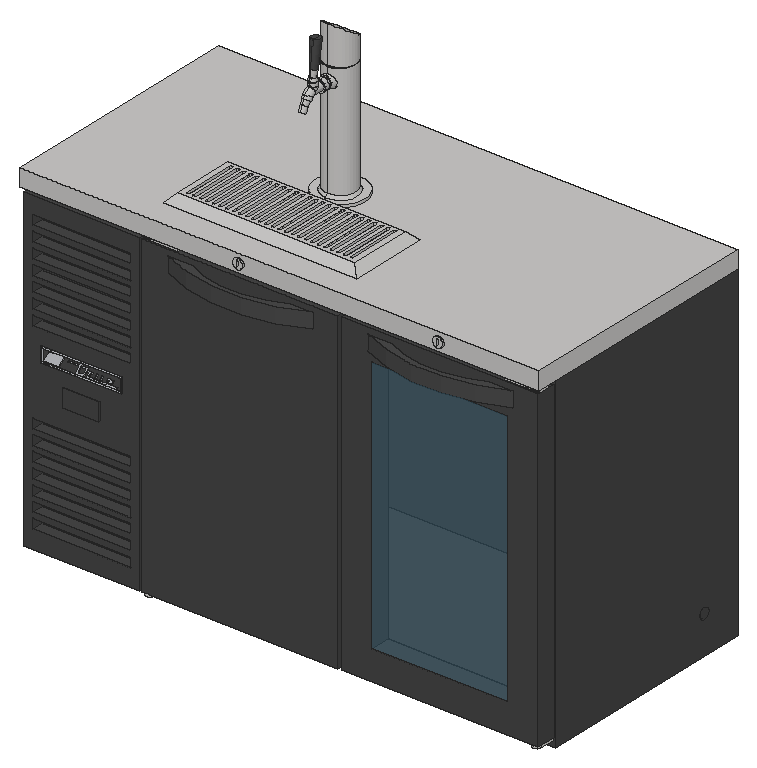
Revit family "QF_TRUE_TDR52-RISZ1-L-B-SG-1", category Specialty Equipment, Revit 2016 (continued)
Definition of nested family "TDR52-RISZ1-L-B-SG-1"
  Definition of nested family "QF_LOGO_TRUE"
    Forms (in)
      Extrusion 1, solid, visible <- "Show Logo"
        sketch origin (-78.34647, 34.76905, -30.51001) x (1, 0, 0) y (0, 0, 1)
          loop
            arc (85.61625, 31.28847) -> (85.61625, 31.37458) -> (85.54168, 31.41763) r 0.08611
            line (85.54168, 31.41763) -> (85.20227, 31.41763)
            arc (85.20227, 31.41763) -> (85.11574, 31.40294) -> (85.05538, 31.33923) r 0.13863
            line (85.05538, 31.33923) -> (84.89409, 30.99333)
            arc (84.89409, 30.99333) -> (84.84649, 30.9313) -> (84.77191, 30.90778) r 0.13002
            line (84.77191, 30.90778) -> (84.41984, 30.90778)
            arc (84.41984, 30.90778) -> (84.3777, 30.95378) -> (84.38042, 31.0161) r 0.08151
            line (84.38042, 31.0161) -> (84.56766, 31.41763) -> (84.44849, 31.41763) -> (84.25012, 30.99222)
            arc (84.25012, 30.99222) -> (84.21158, 30.94199) -> (84.15119, 30.92296) r 0.10527
            line (84.15119, 30.92296) -> (83.90842, 30.92296)
            arc (83.90842, 30.92296) -> (83.8674, 30.97642) -> (83.87619, 31.04323) r 0.08805
            line (83.87619, 31.04323) -> (84.05078, 31.41763) -> (83.92772, 31.41763) -> (83.72676, 30.98668)
            arc (83.72676, 30.98668) -> (83.68011, 30.94003) -> (83.61639, 30.92296) r 0.12745
            line (83.61639, 30.92296) -> (83.26484, 30.92296)
            arc (83.26484, 30.92296) -> (83.2017, 30.9524) -> (83.19563, 31.0218) r 0.06967
            line (83.19563, 31.0218) -> (83.31118, 31.26961) -> (83.47452, 31.26961)
            arc (83.47452, 31.26961) -> (83.50209, 31.35268) -> (83.56075, 31.41763) r 0.21289
            line (83.56075, 31.41763) -> (82.92244, 31.41763)
            arc (82.92244, 31.41763) -> (82.85151, 31.40191) -> (82.80242, 31.34834) r 0.12081
            line (82.80242, 31.34834) -> (82.6294, 30.9773)
            arc (82.6294, 30.9773) -> (82.58962, 30.93752) -> (82.53528, 30.92296) r 0.10869
            line (82.53528, 30.92296) -> (82.1542, 30.92296)
            arc (82.1542, 30.92296) -> (82.12446, 30.96315) -> (82.13012, 31.01283) r 0.06822
            line (82.13012, 31.01283) -> (82.38156, 31.48573) -> (83.01596, 31.48573) -> (83.09469, 31.65456) -> (82.46029, 31.65456) -> (82.53902, 31.8234) -> (82.31334, 31.8234) -> (82.23461, 31.65456) -> (81.15226, 31.65456)
          loop
            arc (85.15937, 31.26434) -> (85.13191, 31.25698) -> (85.1118, 31.23688) r 0.05494
            line (85.1118, 31.23688) -> (85.09547, 31.18665)
            arc (85.09547, 31.18665) -> (85.10304, 31.16837) -> (85.12133, 31.16079) r 0.02586
            line (85.12133, 31.16079) -> (85.39889, 31.16079)
            arc (85.39889, 31.16079) -> (85.41888, 31.16523) -> (85.43513, 31.1777) r 0.04731
            line (85.43513, 31.1777) -> (85.44863, 31.2402)
            arc (85.44863, 31.2402) -> (85.44466, 31.25693) -> (85.42914, 31.26434) r 0.01994
            line (85.42914, 31.26434) -> (85.15937, 31.26434)
          loop
            line (78.62961, 30.74125) -> (80.12032, 30.74125) -> (80.73891, 31.81268) -> (79.2482, 31.81268) -> (78.62961, 30.74125)
        from 34.76797 to 34.83173
      Extrusion 2, solid, visible <- "Show Logo"
        sketch origin (-142.84857, 34.75108, -33.3546) x (1, 0, 0) y (0, 0, 1)
          loop
            line (150.81107, 34.71978) -> (142.98607, 34.71978) -> (142.98607, 33.4921) -> (150.81107, 33.4921) -> (150.81107, 34.71978)
        from 34.75108 to 34.78125
      Extrusion 3, solid, visible <- "Show Logo"
        sketch origin (-142.84857, 34.75108, -33.3546) x (1, 0, 0) y (0, 0, 1)
          loop
            line (150.94857, 34.85727) -> (142.84857, 34.85727) -> (142.84857, 33.3546) -> (150.94857, 33.3546) -> (150.94857, 34.85727)
          loop
            line (142.98607, 34.71978) -> (142.98607, 33.4921) -> (150.81107, 33.4921) -> (150.81107, 34.71978) -> (142.98607, 34.71978)
        from 34.75108 to 34.81376
      Extrusion 4, solid, not visible
        sketch origin (121.45701, -16.5, 4.98235) x (1, 0, 0) y (0, 0, 1)
          loop
            line (25.20115, 35.89949) -> (25.20115, 33.96647) -> (30.95381, 33.96647) -> (30.95381, 35.89949) -> (25.20115, 35.89949)
        from 31.5 to 31.54261
      Extrusion 5, solid, not visible
        sketch origin (121.45701, -16.5, 4.98235) x (1, 0, 0) y (0, 0, 1)
          loop
            line (26.7387, 34.95472) -> (26.61492, 34.49276) -> (27.038, 34.49276)
            arc (27.038, 34.49276) -> (27.13117, 34.52484) -> (27.18485, 34.60749) r 0.15134
            arc (27.18485, 34.60749) -> (27.20396, 34.68138) -> (27.22435, 34.75493) r 4.37326
            arc (27.22435, 34.75493) -> (27.23458, 34.81765) -> (27.22435, 34.88037) r 0.1974
            arc (27.22435, 34.88037) -> (27.18247, 34.93579) -> (27.11563, 34.95472) r 0.10914
            line (27.11563, 34.95472) -> (26.7387, 34.95472)
          loop
            line (26.90201, 34.80638) -> (26.84645, 34.59903) -> (26.92855, 34.59903)
            arc (26.92855, 34.59903) -> (26.98205, 34.6185) -> (27.01051, 34.6678) r 0.08322
            line (27.01051, 34.6678) -> (27.02399, 34.74424)
            arc (27.02399, 34.74424) -> (27.01491, 34.78454) -> (26.97985, 34.80638) r 0.05353
            line (26.97985, 34.80638) -> (26.90201, 34.80638)
          loop
            line (27.45336, 34.66131) -> (27.76233, 34.66131) -> (27.78859, 34.73909)
            arc (27.78859, 34.73909) -> (27.7878, 34.82039) -> (27.73107, 34.87864) r 0.10925
            arc (27.73107, 34.87864) -> (27.68233, 34.8944) -> (27.63139, 34.89974) r 0.24595
            line (27.63139, 34.89974) -> (27.46708, 34.89974)
            arc (27.46708, 34.89974) -> (27.4068, 34.88073) -> (27.3535, 34.84677) r 0.2421
            arc (27.3535, 34.84677) -> (27.2897, 34.76363) -> (27.26702, 34.66131) r 0.2421
            line (27.26702, 34.66131) -> (27.26702, 34.54477)
            arc (27.26702, 34.54477) -> (27.31618, 34.4956) -> (27.38334, 34.47761) r 0.13431
            line (27.38334, 34.47761) -> (27.59054, 34.47761)
            arc (27.59054, 34.47761) -> (27.63459, 34.48281) -> (27.67622, 34.49812) r 0.18924
            line (27.67622, 34.49812) -> (27.73102, 34.61563)
            arc (27.73102, 34.61563) -> (27.68453, 34.59565) -> (27.63566, 34.58252) r 0.35376
            arc (27.63566, 34.58252) -> (27.55885, 34.56956) -> (27.48204, 34.58252) r 0.23415
            arc (27.48204, 34.58252) -> (27.44492, 34.61362) -> (27.45336, 34.66131) r 0.04838
          loop
            line (27.4842, 34.73042) -> (27.62012, 34.73042) -> (27.62621, 34.76496)
            arc (27.62621, 34.76496) -> (27.58961, 34.80242) -> (27.53739, 34.80638) r 0.0742
            arc (27.53739, 34.80638) -> (27.49747, 34.77773) -> (27.4842, 34.73042) r 0.0742
          loop
            line (27.91616, 34.97572) -> (27.78675, 34.49276) -> (27.98645, 34.49276) -> (28.11586, 34.97572) -> (27.91616, 34.97572)
          loop
            line (28.13678, 34.66131) -> (28.08755, 34.47761) -> (28.27134, 34.47761) -> (28.32056, 34.66131) -> (28.43674, 34.66131) -> (28.47974, 34.78864) -> (28.36519, 34.78864)
            arc (28.36519, 34.78864) -> (28.35733, 34.81649) -> (28.36921, 34.84288) r 0.04231
            arc (28.36921, 34.84288) -> (28.431, 34.8652) -> (28.49617, 34.85686) r 0.13988
            line (28.49617, 34.85686) -> (28.53544, 34.97317)
            arc (28.53544, 34.97317) -> (28.39725, 34.99096) -> (28.25905, 34.97317) r 0.54546
            arc (28.25905, 34.97317) -> (28.20849, 34.91994) -> (28.18197, 34.85147) r 0.1894
            line (28.18197, 34.85147) -> (28.17089, 34.78864) -> (28.11397, 34.78864) -> (28.07985, 34.66131) -> (28.13678, 34.66131)
          loop
            arc (28.74846, 34.89756) -> (28.65884, 34.88533) -> (28.56922, 34.89756) r 0.33455
            line (28.56922, 34.89756) -> (28.45669, 34.47761) -> (28.63593, 34.47761) -> (28.74846, 34.89756)
          loop
            arc (28.60398, 35.01195) -> (28.57699, 34.97173) -> (28.60398, 34.9315) r 0.04347
            line (28.60398, 34.9315) -> (28.75755, 34.9315)
            arc (28.75755, 34.9315) -> (28.78645, 34.96687) -> (28.77911, 35.01195) r 0.0556
            line (28.77911, 35.01195) -> (28.60398, 35.01195)
          loop
            line (28.95336, 34.66131) -> (29.26233, 34.66131) -> (29.28859, 34.73909)
            arc (29.28859, 34.73909) -> (29.2878, 34.82039) -> (29.23107, 34.87864) r 0.10925
            arc (29.23107, 34.87864) -> (29.18233, 34.8944) -> (29.13139, 34.89974) r 0.24595
            line (29.13139, 34.89974) -> (28.96708, 34.89974)
            arc (28.96708, 34.89974) -> (28.9068, 34.88073) -> (28.8535, 34.84677) r 0.2421
            arc (28.8535, 34.84677) -> (28.7897, 34.76363) -> (28.76702, 34.66131) r 0.2421
            line (28.76702, 34.66131) -> (28.76702, 34.54477)
            arc (28.76702, 34.54477) -> (28.81618, 34.4956) -> (28.88334, 34.47761) r 0.13431
            line (28.88334, 34.47761) -> (29.09054, 34.47761)
            arc (29.09054, 34.47761) -> (29.13459, 34.48281) -> (29.17622, 34.49812) r 0.18924
            line (29.17622, 34.49812) -> (29.23102, 34.61563)
            arc (29.23102, 34.61563) -> (29.18453, 34.59565) -> (29.13566, 34.58252) r 0.35376
            arc (29.13566, 34.58252) -> (29.05885, 34.56956) -> (28.98204, 34.58252) r 0.23415
            arc (28.98204, 34.58252) -> (28.94492, 34.61362) -> (28.95336, 34.66131) r 0.04838
          loop
            line (28.9842, 34.73042) -> (29.12012, 34.73042) -> (29.12621, 34.76496)
            arc (29.12621, 34.76496) -> (29.08961, 34.80242) -> (29.03739, 34.80638) r 0.0742
            arc (29.03739, 34.80638) -> (28.99747, 34.77773) -> (28.9842, 34.73042) r 0.0742
          loop
            line (29.41616, 34.97572) -> (29.28675, 34.49276) -> (29.48645, 34.49276) -> (29.61586, 34.97572) -> (29.41616, 34.97572)
          loop
            line (29.99836, 34.97572) -> (29.95192, 34.80242)
            arc (29.95192, 34.80242) -> (29.94473, 34.85705) -> (29.90102, 34.89059) r 0.07199
            arc (29.90102, 34.89059) -> (29.80023, 34.89941) -> (29.70251, 34.87322) r 0.29131
            arc (29.70251, 34.87322) -> (29.61806, 34.7652) -> (29.5896, 34.63108) r 0.30433
            line (29.5896, 34.63108) -> (29.5896, 34.55572)
            arc (29.5896, 34.55572) -> (29.61075, 34.50463) -> (29.66184, 34.48348) r 0.07224
            line (29.66184, 34.48348) -> (29.78537, 34.48348)
            arc (29.78537, 34.48348) -> (29.83854, 34.51313) -> (29.88504, 34.55243) r 0.31609
            line (29.88504, 34.55243) -> (29.86905, 34.49276) -> (30.05973, 34.49276) -> (30.18914, 34.97572) -> (29.99836, 34.97572)
          loop
            arc (29.84537, 34.75931) -> (29.79424, 34.71128) -> (29.77745, 34.64317) r 0.12371
            arc (29.77745, 34.64317) -> (29.80071, 34.59901) -> (29.85056, 34.59647) r 0.05045
            arc (29.85056, 34.59647) -> (29.90141, 34.64047) -> (29.92536, 34.7033) r 0.13769
            arc (29.92536, 34.7033) -> (29.90211, 34.75521) -> (29.84537, 34.75931) r 0.05543
          loop
            line (26.45047, 35.26762) -> (26.58211, 35.26762)
            arc (26.58211, 35.26762) -> (26.60467, 35.30821) -> (26.62126, 35.35157) r 0.3277
            arc (26.62126, 35.35157) -> (26.62714, 35.39992) -> (26.60877, 35.44503) r 0.09693
            arc (26.60877, 35.44503) -> (26.56454, 35.48868) -> (26.50462, 35.50516) r 0.12312
            arc (26.50462, 35.50516) -> (26.44158, 35.50565) -> (26.37854, 35.50546) r 5.76967
            arc (26.37854, 35.50546) -> (26.07462, 35.42923) -> (25.81045, 35.26076) r 0.97743
            line (25.81045, 35.26076) -> (25.85921, 35.26076)
            arc (25.85921, 35.26076) -> (26.08494, 35.39361) -> (26.3396, 35.45485) r 0.88817
            arc (26.3396, 35.45485) -> (26.41429, 35.44188) -> (26.47267, 35.39352) r 0.14748
            arc (26.47267, 35.39352) -> (26.48041, 35.32725) -> (26.45047, 35.26762) r 0.11636
          loop
            arc (26.35412, 35.17841) -> (26.19578, 35.0555) -> (26.00982, 34.98069) r 0.72453
            arc (26.00982, 34.98069) -> (25.9036, 34.95581) -> (25.79459, 34.9604) r 0.40201
            arc (25.79459, 34.9604) -> (25.7275, 34.98819) -> (25.69972, 35.05528) r 0.09488
            arc (25.69972, 35.05528) -> (25.71867, 35.12629) -> (25.77049, 35.17841) r 0.1425
            line (25.77049, 35.17841) -> (25.73665, 35.18748)
            arc (25.73665, 35.18748) -> (25.67632, 35.09876) -> (25.66924, 34.99171) r 0.20432
            arc (25.66924, 34.99171) -> (25.71443, 34.9227) -> (25.79473, 34.90384) r 0.11116
            arc (25.79473, 34.90384) -> (25.91172, 34.89904) -> (26.02716, 34.91862) r 0.56145
            arc (26.02716, 34.91862) -> (26.27675, 35.021) -> (26.49584, 35.17841) r 1.15683
            line (26.49584, 35.17841) -> (26.35412, 35.17841)
        from 31.54261 to 31.56272
    Dimensions and locks (in)
      aligned and locked: level to plane 2
      aligned and locked: Extrusion 2 to Extrusion 3  (x2)
      aligned and locked: Extrusion 2 sketch curve to Extrusion 3
Definition of nested family "CASTORS & LEGS"
  Parameters (values of type "CASTORS & LEGS")
    Weight = ""
    URL Manufacturer = ""
    URL Cutsheet = ""
    URL = ""
    Type Mark [instance] = ""
    Status [instance] = ""
    Specification by User [instance] = ""
    Specification by Manufacturer = ""
    Show Legs with Flandge [instance] = yes
    Show Legs [instance] = yes
    Show Leg Levelers [instance] = yes
    Show 1 Inch Rollers [instance] = yes
    Show 5 Inches Castors [instance] = yes
    Show 4 Inches Castors [instance] = yes
    Show 3 Inches Castors [instance] = yes
    Show 2 Inches Castors [instance] = yes
    Serial Number = ""
    Seismic Rating = ""
    SMACNA No = ""
    Revision Code [instance] = ""
    Omniclass Number and Title = ""
    NAFEM Spec ID Number = ""
    Model = ""
    MasterSpec. = ""
    Manufacturer = ""
    Item Number [instance] = ""
    Installed By [instance] = ""
    Identify Quantity as Lot [instance] = yes
    Furnished By [instance] = ""
    Foodservice Equipment Identifier [instance] = yes
    Description = ""
    CSI MasterFormat = ""
    CSI Master Format = ""
    Assembly Code = ""
  Reference planes (in)
    plane 1: z = 0
    plane 2 "RIGHT": x = 0
    plane 3 "FRONT": y = 0
    plane 4 "TOP": z = 4
    plane 5: z = 5.75
    plane 6: z = 6
    plane 7: z = 0.875
  Forms (in)
    Revolve 1, solid, visible <- "Show Legs"
      sketch origin (11.12172, 0, 0) x (-1, 0, 0) y (0, 0, -1)
        loop
          line (11.12172, -6) -> (11.12172, 0) -> (10.62172, 0) -> (10.62172, -0.5) -> (10.37172, -0.5) -> (10.37172, -6) -> (11.12172, -6)
        axis (11.12172, 0) -> (11.12172, -6)
      angle from 0 to 360
    Revolve 2, solid, visible <- "Show Legs with Flandge"
      sketch origin (11.12172, 0, 0) x (-1, 0, 0) y (0, 0, -1)
        loop
          line (11.12172, -6) -> (11.12172, 0) -> (9.87172, 0) -> (9.87172, -0.25) -> (10.62172, -0.25) -> (10.62172, -0.5) -> (10.37172, -0.5) -> (10.37172, -6) -> (11.12172, -6)
        axis (11.12172, 0) -> (11.12172, -6)
      angle from 0 to 360
    Extrusion 3, solid, visible <- "Show Leg Levelers"
      sketch origin (0, 0, 0) x (1, 0, 0) y (0, 1, 0)
        loop
          circle (0, 0) r 0.75
      from 0 to 0.25
  Dimensions and locks (in)
    plane 4 "TOP" to level = 4"  (x2)
    locked: Revolve 1 sketch curve to Revolve 1 sketch curve at 0.5
    locked: Revolve 1 sketch curve to Revolve 1 sketch curve at 0.75
    locked: Revolve 2 sketch curve to Revolve 2 sketch curve at 0.75
    plane 5 to level = 5 3/4"
    plane 6 to plane 1 = 6"
    nested 1 to plane 1 = 3 1/8"
    nested 3 to level = 5"
    aligned and locked: level to plane 1
  Nested families (in)
    nested 1: "3 INCHES 01_CASTER" at (0, 0, 0), visible <- "Show 2 Inches Castors", type "3 INCHES 01_CASTER"
      with Type Mark "", Specification by User "", Revision Code "", Item Number "", Installed By "", Identify Quantity as Lot yes, Furnished By "", Foodservice Equipment Identifier yes, 3 Inches Caster yes
    nested 2: "HATCO_4 INCHES_CASTER" at (0, -0.75, 0), Show 4 Inches Caster <- "Show 3 Inches Castors", type "HATCO_4 INCHES_CASTER"
      with Type Mark "", Specification by User "", Show 4 Inches Caster yes, Revision Code "", Item Number "", Installed By "", Identify Quantity as Lot yes, Furnished By "", Foodservice Equipment Identifier yes
    nested 3: "5 INCHES 01_CASTER" at (0, 0, 0), visible <- "Show 4 Inches Castors", type "5 INCHES 01_CASTER"
      with Type Mark "", Specification by User "", Show 5" Casters yes, Revision Code "", Key Locks yes, Item Number "", Installed By "", Identify Quantity as Lot yes, Furnished By "", Foodservice Equipment Identifier yes
    nested 4: "7-8 INCHES_CASTER" at (0, 0, 0), visible <- "Show 1 Inch Rollers", type "7-8 INCHES_CASTER"
      with Type Mark "", Specification by User "", Revision Code "", Item Number "", Installed By "", Identify Quantity as Lot yes, Furnished By "", Foodservice Equipment Identifier yes, 2.5 Inches Caster yes
    nested 5: "6 INCHES 02_CASTER" at (0, 0, 0), visible <- "Show 5 Inches Castors", Show Casters <- "Show 5 Inches Castors", type "6 INCHES 02_CASTER"
      with Type Mark "", Specification by User "", Show Casters yes, Revision Code "", Item Number "", Installed By "", Identify Quantity as Lot yes, Furnished By "", Foodservice Equipment Identifier yes
  Definition of nested family "3 INCHES 01_CASTER"
    Parameters (values of type "3 INCHES 01_CASTER")
      Weight = ""
      URL Manufacturer = ""
      URL Cutsheet = ""
      URL = ""
      Type Mark [instance] = ""
      Specification by User [instance] = ""
      Specification by Manufacturer = ""
      Serial Number = ""
      Seismic Rating = ""
      SMACNA No = ""
      Revision Code [instance] = ""
      Omniclass Number and Title = ""
      NAFEM Spec ID Number = ""
      Model = ""
      MasterSpec. = ""
      Manufacturer = ""
      Item Number [instance] = ""
      Installed By [instance] = ""
      Identify Quantity as Lot [instance] = yes
      Furnished By [instance] = ""
      Foodservice Equipment Identifier [instance] = yes
      Description = ""
      CSI MasterFormat = ""
      CSI Master Format = ""
      Assembly Code = ""
      3 Inches Caster [instance] = yes
    Reference planes (in)
      plane 1: z = 0
      plane 2 "RIGHT": x = 0
      plane 3 "FRONT": y = 0
      plane 4 "TOP": z = 3.125
    Forms (in)
      Revolve 1, solid, visible <- "3 Inches Caster"
        sketch origin (-1.93794, 0.56004, -1.0041) x (1, 0, 0) y (0, 0, 1)
          loop
            line (0.74055, 2.11347) -> (0.74055, 2.03797) -> (0.79055, 1.98797) -> (0.85055, 1.98797) -> (0.85055, 1.8679) -> (1.235, 1.8679) -> (1.235, 1.7068) -> (1.36441, 1.63209) -> (1.4003, 1.41035) -> (1.34375, 1.41035) -> (1.34375, 1.28535) -> (1.375, 1.28535) -> (1.375, 1.0041) -> (2.48438, 1.0041) -> (2.48438, 1.28535) -> (2.51563, 1.28535) -> (2.51563, 1.41035) -> (2.45908, 1.41035) -> (2.49553, 1.6356) -> (2.62438, 1.70999) -> (2.62438, 1.8679) -> (3.04007, 1.8679) -> (3.04007, 1.98797) -> (3.10007, 1.98797) -> (3.15007, 2.03797) -> (3.15007, 2.11347) -> (0.74055, 2.11347)
          axis (0.74055, 2.11347) -> (3.15007, 2.11347)
        angle from 0 to 360
      Extrusion 2, solid, visible <- "3 Inches Caster"
        sketch origin (-1.93794, 1.35294, -3.2541) x (0, 1, 0) y (0, 0, 1)
          loop
            line (-0.41094, 5.86793) -> (-0.41094, 6.01276) -> (-2.29494, 6.01276) -> (-2.29494, 5.71244) -> (-1.82301, 5.71244)
            arc (-1.82301, 5.71244) -> (-1.00307, 5.59865) -> (-0.19592, 5.41488) r 9.6332
            arc (-0.19592, 5.41488) -> (0.12646, 5.29481) -> (0.42224, 5.11916) r 1.92059
            line (0.42224, 5.11916) -> (0.51314, 5.245)
            arc (0.51314, 5.245) -> (0.27353, 5.42569) -> (0.01201, 5.5729) r 2.25036
            line (0.01201, 5.5729) -> (0.09371, 5.71426)
            arc (0.09371, 5.71426) -> (-0.15272, 5.81043) -> (-0.41094, 5.86793) r 1.73151
        from 1.17357 to 2.70231
      Revolve 3, solid, visible <- "3 Inches Caster"
        sketch origin (0, 1.73858, -3.25) x (0, 1, 0) y (0, 0, 1)
          loop
            line (-1.73858, 6.375) -> (-1.73858, 6.00866) -> (-0.93293, 6.00866) -> (-0.93293, 6.375) -> (-1.73858, 6.375)
          axis (-1.73858, 6.00866) -> (-1.73858, 6.375)
        angle from 0 to 360
      Extrusion 4, solid, visible <- "3 Inches Caster"
        sketch origin (-1.98481, 1.35294, -1.7541) x (0, 1, 0) y (0, 0, 1)
          loop
            line (-2.29494, 4.51276) -> (-2.29494, 4.21244) -> (-2.2074, 4.21244)
            arc (-2.2074, 4.21244) -> (-1.58796, 3.87196) -> (-1.3103, 3.22193) r 1.0835
            arc (-1.3103, 3.22193) -> (-1.27304, 2.98711) -> (-1.19616, 2.76214) r 1.38462
            arc (-1.19616, 2.76214) -> (-0.77704, 2.49744) -> (-0.37393, 2.78593) r 0.44401
            arc (-0.37393, 2.78593) -> (-0.35491, 2.84407) -> (-0.34077, 2.90358) r 0.74034
            arc (-0.34077, 2.90358) -> (-0.07302, 3.38916) -> (0.4279, 3.62699) r 0.90376
            line (0.4279, 3.62699) -> (0.51314, 3.745)
            arc (0.51314, 3.745) -> (0.27353, 3.92569) -> (0.01201, 4.0729) r 2.25036
            line (0.01201, 4.0729) -> (0.09371, 4.21426)
            arc (0.09371, 4.21426) -> (-0.15272, 4.31043) -> (-0.41094, 4.36793) r 1.73151
            line (-0.41094, 4.36793) -> (-0.41094, 4.51276) -> (-2.29494, 4.51276)
        from 2.74918 to 2.90825
      Extrusion 5, solid, visible <- "3 Inches Caster"
        sketch origin (1.98481, 1.35294, -1.7541) x (0, 1, 0) y (0, 0, -1)
          loop
            line (-2.29494, -4.51276) -> (-0.41094, -4.51276) -> (-0.41094, -4.36793)
            arc (-0.41094, -4.36793) -> (-0.15272, -4.31043) -> (0.09371, -4.21426) r 1.73151
            line (0.09371, -4.21426) -> (0.01201, -4.0729)
            arc (0.01201, -4.0729) -> (0.27353, -3.92569) -> (0.51314, -3.745) r 2.25036
            line (0.51314, -3.745) -> (0.4279, -3.62699)
            arc (0.4279, -3.62699) -> (-0.07302, -3.38916) -> (-0.34077, -2.90358) r 0.90376
            arc (-0.34077, -2.90358) -> (-0.35491, -2.84407) -> (-0.37393, -2.78593) r 0.74034
            arc (-0.37393, -2.78593) -> (-0.77704, -2.49744) -> (-1.19616, -2.76214) r 0.44401
            arc (-1.19616, -2.76214) -> (-1.27304, -2.98711) -> (-1.3103, -3.22193) r 1.38462
            arc (-1.3103, -3.22193) -> (-1.58796, -3.87196) -> (-2.2074, -4.21244) r 1.0835
            line (-2.2074, -4.21244) -> (-2.29494, -4.21244) -> (-2.29494, -4.51276)
        from 2.74918 to 2.90825
    Cuts and joins
      joined: Extrusion 2, Extrusion 4, Extrusion 5
    Lines and regions (in)
      symbolic lines, visible <- "3 Inches Caster"
        curve 1: line (0.1877, 1.65194, 0) -> (0.89063, 1.2461, 0)
        curve 2: line (-1.00175, -0.40823, 0) -> (0.1877, 1.65194, 0)
        curve 3: line (-0.29881, -0.81407, 0) -> (-1.00175, -0.40823, 0)
        curve 4: line (0.89063, 1.2461, 0) -> (-0.29881, -0.81407, 0)
    Dimensions and locks (in)
      plane 4 "TOP" to level = 3 1/8"  (x2)
      aligned and locked: level to plane 1
  Definition of nested family "HATCO_4 INCHES_CASTER"
    Parameters (values of type "HATCO_4 INCHES_CASTER")
      URL Manufacturer = ""
      URL Cutsheet = ""
      URL = ""
      Type Mark [instance] = ""
      Specification by User [instance] = ""
      Specification by Manufacturer = ""
      Serial Number = ""
      Seismic Rating = ""
      SMACNA No = ""
      Revision Code [instance] = ""
      Omniclass Number and Title = ""
      NAFEM Spec ID Number = ""
      Model = ""
      Manufacturer = ""
      Item Number [instance] = ""
      Installed By [instance] = ""
      Identify Quantity as Lot [instance] = yes
      Furnished By [instance] = ""
      Foodservice Equipment Identifier [instance] = yes
      Description = ""
      CSI MasterFormat = ""
      CSI Master Format = ""
      Assembly Code = ""
      Show 4 Inches Caster [instance] = yes
    Reference planes (in)
      plane 1: z = 0
      plane 2 "RIGHT": x = 0
      plane 3 "FRONT": y = 0
      plane 4 "TOP": z = 4
    Forms (in)
      Revolve 1, solid, visible <- "Show 4 Inches Caster"
        sketch origin (-1.93794, 0.83816, -1.0041) x (1, 0, 0) y (0, 0, 1)
          loop
            line (0.74055, 2.5041) -> (3.15007, 2.5041) -> (3.15007, 2.5796) -> (3.10007, 2.6296) -> (3.04007, 2.6296) -> (3.04007, 2.74967) -> (2.62438, 2.74967) -> (2.62438, 2.93884) -> (2.48438, 3.01967) -> (2.45908, 3.17597) -> (2.51563, 3.17597) -> (2.51563, 3.41035) -> (2.48438, 3.41035) -> (2.48438, 4.0041) -> (1.375, 4.0041) -> (1.375, 3.41035) -> (1.34375, 3.41035) -> (1.34375, 3.17597) -> (1.4003, 3.17597) -> (1.37557, 3.02318) -> (1.235, 2.94202) -> (1.235, 2.74967) -> (0.85055, 2.74967) -> (0.85055, 2.6296) -> (0.79055, 2.6296) -> (0.74055, 2.5796) -> (0.74055, 2.5041)
          axis (0.74055, 2.5041) -> (3.15007, 2.5041)
        angle from 0 to 360
      Extrusion 2, solid, visible <- "Show 4 Inches Caster"
        sketch origin (-1.93794, 1.80294, -1.7541) x (0, 1, 0) y (0, 0, 1)
          loop
            line (-3.08794, 5.33423) -> (-3.08794, 5.00584) -> (-2.69466, 5.00584)
            arc (-2.69466, 5.00584) -> (-1.57175, 4.94895) -> (-0.46376, 4.75787) r 9.36411
            arc (-0.46376, 4.75787) -> (-0.05889, 4.58436) -> (0.28335, 4.30705) r 1.60049
            line (0.28335, 4.30705) -> (0.34449, 4.39437)
            arc (0.34449, 4.39437) -> (0.12713, 4.6163) -> (-0.1239, 4.79931) r 1.8753
            line (-0.1239, 4.79931) -> (-0.05749, 4.91421)
            arc (-0.05749, 4.91421) -> (-0.33807, 5.05694) -> (-0.64294, 5.13542) r 1.44292
            line (-0.64294, 5.13542) -> (-0.64294, 5.33423) -> (-3.08794, 5.33423)
        from 1.1267 to 2.74918
      Revolve 3, solid, visible <- "Show 4 Inches Caster"
        sketch origin (0, 2.15543, -2.25) x (0, 1, 0) y (0, 0, 1)
          loop
            line (-2.21793, 6.25) -> (-2.21793, 5.83014) -> (-1.05793, 5.83014) -> (-1.05793, 6.25) -> (-2.21793, 6.25)
          axis (-2.21793, 5.83014) -> (-2.21793, 6.25)
        angle from 0 to 360
      Extrusion 4, solid, visible <- "Show 4 Inches Caster"
        sketch origin (-1.93794, 1.80294, -1.7541) x (0, 1, 0) y (0, 0, 1)
          loop
            line (-3.08794, 5.33423) -> (-3.08794, 5.00584) -> (-2.8913, 5.00584)
            arc (-2.8913, 5.00584) -> (-2.09118, 4.14057) -> (-1.45681, 3.14736) r 6.63355
            arc (-1.45681, 3.14736) -> (-0.85703, 2.75969) -> (-0.4561, 3.35069) r 0.5107
            arc (-0.4561, 3.35069) -> (-0.27092, 3.92503) -> (0.24034, 4.24562) r 0.88136
            line (0.24034, 4.24562) -> (0.34449, 4.39437)
            arc (0.34449, 4.39437) -> (0.12713, 4.6163) -> (-0.1239, 4.79931) r 1.8753
            line (-0.1239, 4.79931) -> (-0.05749, 4.91421)
            arc (-0.05749, 4.91421) -> (-0.33807, 5.05694) -> (-0.64294, 5.13542) r 1.44292
            line (-0.64294, 5.13542) -> (-0.64294, 5.33423) -> (-3.08794, 5.33423)
        from 2.74918 to 2.90825
      Extrusion 5, solid, visible <- "Show 4 Inches Caster"
        sketch origin (1.93794, 1.80294, -1.7541) x (0, 1, 0) y (0, 0, -1)
          loop
            line (-3.08794, -5.33423) -> (-0.64294, -5.33423) -> (-0.64294, -5.13542)
            arc (-0.64294, -5.13542) -> (-0.33807, -5.05694) -> (-0.05749, -4.91421) r 1.44292
            line (-0.05749, -4.91421) -> (-0.1239, -4.79931)
            arc (-0.1239, -4.79931) -> (0.12713, -4.6163) -> (0.34449, -4.39437) r 1.8753
            line (0.34449, -4.39437) -> (0.24034, -4.24562)
            arc (0.24034, -4.24562) -> (-0.27092, -3.92503) -> (-0.4561, -3.35069) r 0.88136
            arc (-0.4561, -3.35069) -> (-0.85703, -2.75969) -> (-1.45681, -3.14736) r 0.5107
            arc (-1.45681, -3.14736) -> (-2.09118, -4.14057) -> (-2.8913, -5.00584) r 6.63355
            line (-2.8913, -5.00584) -> (-3.08794, -5.00584) -> (-3.08794, -5.33423)
        from 2.74918 to 2.90825
    Cuts and joins
      joined: Extrusion 2, Extrusion 4, Extrusion 5
    Lines and regions (in)
      symbolic lines, visible <- "Show 4 Inches Caster"
        curve 1: line (0.28481, 2.83041, 0) -> (1.24556, 2.27572, 0)
        curve 2: line (-1.26206, 0.15114, 0) -> (-0.69281, 1.13711, 0)
        curve 3: line (-0.30132, -0.40355, 0) -> (-1.26206, 0.15114, 0)
        curve 4: line (1.24556, 2.27572, 0) -> (0.69868, 1.3285, 0)
        curve 5: line (-0.2461, 1.91084, 0) -> (0.28481, 2.83041, 0)
        curve 6: line (0.19868, 0.46248, 0) -> (-0.30132, -0.40355, 0)
    Dimensions and locks (in)
      plane 4 "TOP" to level = 4"  (x2)
      aligned and locked: level to plane 1
  Definition of nested family "5 INCHES 01_CASTER"
    Parameters (values of type "5 INCHES 01_CASTER")
      Weight = ""
      URL Manufacturer = ""
      URL Cutsheet = ""
      URL = ""
      Type Mark [instance] = ""
      Specification by User [instance] = ""
      Specification by Manufacturer = ""
      Show 5" Casters [instance] = yes
      Serial Number = ""
      Seismic Rating = ""
      SMACNA No = ""
      Revision Code [instance] = ""
      Omniclass Number and Title = ""
      NAFEM Spec ID Number = ""
      Model = ""
      MasterSpec. = ""
      Manufacturer = ""
      Key Locks [instance] = yes
      Item Number [instance] = ""
      Installed By [instance] = ""
      Identify Quantity as Lot [instance] = yes
      Furnished By [instance] = ""
      Foodservice Equipment Identifier [instance] = yes
      Description = ""
      CSI MasterFormat = ""
      CSI Master Format = ""
      Assembly Code = ""
    Reference planes (in)
      plane 1: z = 0
      plane 2 "RIGHT": x = 0
      plane 3 "FRONT": y = 0
      plane 4 "TOP": z = 5
    Forms (in)
      Revolve 1, solid, visible <- "Show 5" Casters"
        sketch origin (-1.93794, 0.99859, -1.0041) x (1, 0, 0) y (0, 0, 1)
          loop
            line (0.74055, 3.0041) -> (0.74055, 2.9286) -> (0.79055, 2.8786) -> (0.85055, 2.8786) -> (0.85055, 2.75852) -> (1.235, 2.75852) -> (1.235, 2.56618) -> (1.37557, 2.48502) -> (1.49133, 1.76972) -> (1.34375, 1.76972) -> (1.34375, 1.53535) -> (1.375, 1.53535) -> (1.375, 1.0041) -> (2.48438, 1.0041) -> (2.48438, 1.53535) -> (2.51563, 1.53535) -> (2.51563, 1.76972) -> (2.36805, 1.76972) -> (2.48438, 2.48853) -> (2.62438, 2.56936) -> (2.62438, 2.75852) -> (3.04007, 2.75852) -> (3.04007, 2.8786) -> (3.10007, 2.8786) -> (3.15007, 2.9286) -> (3.15007, 3.0041) -> (0.74055, 3.0041)
          axis (0.74055, 3.0041) -> (3.15007, 3.0041)
        angle from 0 to 360
      Extrusion 2, solid, visible <- "Show 5" Casters"
        sketch origin (-1.93794, 1.96337, -0.7541) x (0, 1, 0) y (0, 0, 1)
          loop
            line (-3.37739, 5.33423) -> (-3.37739, 4.92712) -> (-2.49294, 4.92712)
            arc (-2.49294, 4.92712) -> (-1.47209, 4.91752) -> (-0.46376, 4.75787) r 6.92153
            arc (-0.46376, 4.75787) -> (0.14199, 4.53396) -> (0.67481, 4.16904) r 2.62713
            line (0.67481, 4.16904) -> (0.7876, 4.33012)
            arc (0.7876, 4.33012) -> (0.48098, 4.5674) -> (0.13288, 4.73811) r 1.91675
            line (0.13288, 4.73811) -> (0.21197, 4.87494)
            arc (0.21197, 4.87494) -> (-0.1576, 5.02102) -> (-0.54934, 5.08775) r 1.91675
            line (-0.54934, 5.08775) -> (-0.54934, 5.33423) -> (-3.37739, 5.33423)
        from 1.17357 to 2.70231
      Revolve 3, solid, visible <- "Show 5" Casters"
        sketch origin (0, 2.15543, -1.25) x (0, 1, 0) y (0, 0, 1)
          loop
            line (-2.21793, 6.25) -> (-2.21793, 5.83014) -> (-1.05793, 5.83014) -> (-1.05793, 6.25) -> (-2.21793, 6.25)
          axis (-2.21793, 5.83014) -> (-2.21793, 6.25)
        angle from 0 to 360
      Extrusion 4, solid, visible <- "Show 5" Casters"
        sketch origin (-1.98481, 1.96337, -0.7541) x (0, 1, 0) y (0, 0, 1)
          loop
            line (-3.37739, 5.33423) -> (-3.37739, 4.92712) -> (-3.13361, 4.92712)
            arc (-3.13361, 4.92712) -> (-2.12623, 3.92533) -> (-1.55834, 2.62307) r 3.79122
            arc (-1.55834, 2.62307) -> (-0.81477, 2.14247) -> (-0.31772, 2.87515) r 0.63314
            arc (-0.31772, 2.87515) -> (-0.02244, 3.67728) -> (0.68637, 4.15498) r 1.39003
            line (0.68637, 4.15498) -> (0.7876, 4.33012)
            arc (0.7876, 4.33012) -> (0.48098, 4.5674) -> (0.13288, 4.73811) r 1.91675
            line (0.13288, 4.73811) -> (0.21197, 4.87494)
            arc (0.21197, 4.87494) -> (-0.1576, 5.02102) -> (-0.54934, 5.08775) r 1.91675
            line (-0.54934, 5.08775) -> (-0.54934, 5.33423) -> (-3.37739, 5.33423)
        from 2.74918 to 2.90825
      Extrusion 5, solid, visible <- "Show 5" Casters"
        sketch origin (1.98481, 1.96337, -0.7541) x (0, 1, 0) y (0, 0, -1)
          loop
            line (-3.37739, -5.33423) -> (-0.54934, -5.33423) -> (-0.54934, -5.08775)
            arc (-0.54934, -5.08775) -> (-0.1576, -5.02102) -> (0.21197, -4.87494) r 1.91675
            line (0.21197, -4.87494) -> (0.13288, -4.73811)
            arc (0.13288, -4.73811) -> (0.48098, -4.5674) -> (0.7876, -4.33012) r 1.91675
            line (0.7876, -4.33012) -> (0.68637, -4.15498)
            arc (0.68637, -4.15498) -> (-0.02244, -3.67728) -> (-0.31772, -2.87515) r 1.39003
            arc (-0.31772, -2.87515) -> (-0.81477, -2.14247) -> (-1.55834, -2.62307) r 0.63314
            arc (-1.55834, -2.62307) -> (-2.12623, -3.92533) -> (-3.13361, -4.92712) r 3.79122
            line (-3.13361, -4.92712) -> (-3.37739, -4.92712) -> (-3.37739, -5.33423)
        from 2.74918 to 2.90825
    Cuts and joins
      joined: Extrusion 2, Extrusion 4, Extrusion 5
    Lines and regions (in)
      symbolic lines, visible <- "Show 5" Casters"
        curve 1: line (0.54262, 2.21348, 0) -> (1.50337, 1.65879, 0)
        curve 2: line (-1.45738, -1.25062, 0) -> (-0.70738, 0.04842, 0)
        curve 3: line (-0.49663, -1.80531, 0) -> (-1.45738, -1.25062, 0)
        curve 4: line (1.50337, 1.65879, 0) -> (0.75337, 0.35975, 0)
        curve 5: line (-0.20738, 0.91444, 0) -> (0.54262, 2.21348, 0)
        curve 6: line (0.25337, -0.50627, 0) -> (-0.49663, -1.80531, 0)
    Dimensions and locks (in)
      plane 4 "TOP" to level = 5"  (x2)
      aligned and locked: level to plane 1
  Definition of nested family "7-8 INCHES_CASTER"
    Parameters (values of type "7-8 INCHES_CASTER")
      Weight = ""
      URL Manufacturer = ""
      URL Cutsheet = ""
      URL = ""
      Type Mark [instance] = ""
      Specification by User [instance] = ""
      Specification by Manufacturer = ""
      Serial Number = ""
      Seismic Rating = ""
      SMACNA No = ""
      Revision Code [instance] = ""
      Omniclass Number and Title = ""
      NAFEM Spec ID Number = ""
      Model = ""
      MasterSpec. = ""
      Manufacturer = ""
      Item Number [instance] = ""
      Installed By [instance] = ""
      Identify Quantity as Lot [instance] = yes
      Furnished By [instance] = ""
      Foodservice Equipment Identifier [instance] = yes
      Description = ""
      CSI MasterFormat = ""
      CSI Master Format = ""
      Assembly Code = ""
      2.5 Inches Caster [instance] = yes
    Reference planes (in)
      plane 1: z = 0
      plane 2 "RIGHT": x = 0
      plane 3 "FRONT": y = 0
      plane 4 "TOP": z = 2.125
      plane 5: z = 0.875
    Forms (in)
      Revolve 1, solid, visible <- "2.5 Inches Caster"
        sketch origin (-1.93794, 0.16358, -1.0041) x (1, 0, 0) y (0, 0, 1)
          loop
            line (2.21963, 1.0041) -> (2.21963, 1.07441) -> (2.16308, 1.07441) -> (2.17665, 1.15827) -> (2.27369, 1.21429) -> (2.27369, 1.29531) -> (1.60219, 1.29531) -> (1.60219, 1.21429) -> (1.69923, 1.15827) -> (1.7128, 1.07441) -> (1.65625, 1.07441) -> (1.65625, 1.0041) -> (2.21963, 1.0041)
          axis (2.27369, 1.29531) -> (1.60219, 1.29531)
        angle from 0 to 360
      Extrusion 2, solid, visible <- "2.5 Inches Caster"
        sketch origin (-1.93794, 1.43296, -4.66527) x (0, 1, 0) y (0, 0, 1)
          loop
            line (-1.16673, 5.3791) -> (-1.71584, 5.3791) -> (-1.71584, 5.33314) -> (-1.62354, 5.33314)
            arc (-1.62354, 5.33314) -> (-1.55924, 5.29737) -> (-1.50495, 5.24769) r 0.31579
            line (-1.50495, 5.24769) -> (-0.93687, 5.24769)
            arc (-0.93687, 5.24769) -> (-0.98865, 5.28224) -> (-1.04346, 5.31172) r 0.65588
            line (-1.04346, 5.31172) -> (-1.01965, 5.35291)
            arc (-1.01965, 5.35291) -> (-1.09203, 5.3725) -> (-1.16673, 5.3791) r 0.4262
        from 1.60219 to 2.27369
      Revolve 3, solid, visible <- "2.5 Inches Caster"
        sketch origin (0, 1.73858, -5) x (0, 1, 0) y (0, 0, 1)
          loop
            line (-1.73858, 5.71382) -> (-1.35578, 5.71382) -> (-1.35578, 5.875) -> (-1.73858, 5.875) -> (-1.73858, 5.71382)
          axis (-1.73858, 5.71382) -> (-1.73858, 5.875)
        angle from 0 to 360
      Extrusion 4, solid, visible <- "2.5 Inches Caster"
        sketch origin (0.33575, 1.43296, -4.66527) x (0, 1, 0) y (0, 0, 1)
          loop
            line (-1.71584, 5.3791) -> (-1.71584, 5.33314) -> (-1.62354, 5.33314)
            arc (-1.62354, 5.33314) -> (-1.48788, 5.22611) -> (-1.42886, 5.06369) r 0.31579
            arc (-1.42886, 5.06369) -> (-1.418, 4.99525) -> (-1.39559, 4.92968) r 0.40356
            arc (-1.39559, 4.92968) -> (-1.27344, 4.85253) -> (-1.15595, 4.93662) r 0.12941
            arc (-1.15595, 4.93662) -> (-1.1504, 4.95356) -> (-1.14628, 4.97091) r 0.21578
            arc (-1.14628, 4.97091) -> (-1.06824, 5.11243) -> (-0.92225, 5.18175) r 0.26341
            line (-0.92225, 5.18175) -> (-0.8974, 5.21614)
            arc (-0.8974, 5.21614) -> (-0.96724, 5.26881) -> (-1.04346, 5.31172) r 0.65588
            line (-1.04346, 5.31172) -> (-1.01965, 5.35291)
            arc (-1.01965, 5.35291) -> (-1.09203, 5.3725) -> (-1.16673, 5.3791) r 0.4262
            line (-1.16673, 5.3791) -> (-1.71584, 5.3791)
        from 0 to 0.0625
      Extrusion 5, solid, visible <- "2.5 Inches Caster"
        sketch origin (-0.33575, 1.43296, -4.66527) x (0, -1, 0) y (0, 0, 1)
          loop
            line (1.71584, 5.3791) -> (1.16673, 5.3791)
            arc (1.16673, 5.3791) -> (1.09203, 5.3725) -> (1.01965, 5.35291) r 0.4262
            line (1.01965, 5.35291) -> (1.04346, 5.31172)
            arc (1.04346, 5.31172) -> (0.96724, 5.26881) -> (0.8974, 5.21614) r 0.65588
            line (0.8974, 5.21614) -> (0.92225, 5.18175)
            arc (0.92225, 5.18175) -> (1.06824, 5.11243) -> (1.14628, 4.97091) r 0.26341
            arc (1.14628, 4.97091) -> (1.1504, 4.95356) -> (1.15595, 4.93662) r 0.21578
            arc (1.15595, 4.93662) -> (1.27344, 4.85253) -> (1.39559, 4.92968) r 0.12941
            arc (1.39559, 4.92968) -> (1.418, 4.99525) -> (1.42886, 5.06369) r 0.40356
            arc (1.42886, 5.06369) -> (1.48788, 5.22611) -> (1.62354, 5.33314) r 0.31579
            line (1.62354, 5.33314) -> (1.71584, 5.33314) -> (1.71584, 5.3791)
        from 0 to 0.0625
    Lines and regions (in)
      symbolic lines, visible <- "2.5 Inches Caster"
        curve 1: line (0.14193, 0.81567, 0) -> (0.64448, 0.52552, 0)
        curve 2: line (-0.51849, -0.32822, 0) -> (0.14193, 0.81567, 0)
        curve 3: line (-0.01594, -0.61837, 0) -> (-0.51849, -0.32822, 0)
        curve 4: line (0.64448, 0.52552, 0) -> (-0.01594, -0.61837, 0)
    Dimensions and locks (in)
      plane 4 "TOP" to level = 2 1/8"  (x2)
      plane 5 to plane 1 = 7/8"
      aligned and locked: level to plane 1
  Definition of nested family "6 INCHES 02_CASTER"
    Parameters (values of type "6 INCHES 02_CASTER")
      Weight = ""
      URL Manufacturer = ""
      URL Cutsheet = ""
      URL = ""
      Type Mark [instance] = ""
      Specification by User [instance] = ""
      Specification by Manufacturer = ""
      Show Casters [instance] = yes
      Serial Number = ""
      Seismic Rating = ""
      SMACNA No = ""
      Revision Code [instance] = ""
      Omniclass Number and Title = ""
      NAFEM Spec ID Number = ""
      Model = ""
      MasterSpec. = ""
      Manufacturer = ""
      Item Number [instance] = ""
      Installed By [instance] = ""
      Identify Quantity as Lot [instance] = yes
      Furnished By [instance] = ""
      Foodservice Equipment Identifier [instance] = yes
      Description = ""
      CSI MasterFormat = ""
      CSI Master Format = ""
    Reference planes (in)
      plane 1 "BACK": y = 0
      plane 2: z = 0
      plane 3 "LEFT": x = 0
      plane 4 "RIGHT": x = 0
      plane 5 "FRONT": y = 0
      plane 6 "TOP": z = 6.0625
    Forms (in)
      Revolve 1, solid, visible <- "Show Casters"
        sketch origin (-2.21793, 0, -0.25) x (-1, 0, 0) y (0, 0, 1)
          loop
            line (-2.21793, 6) -> (-2.21793, 5.55584) -> (-0.93693, 5.55584) -> (-0.93693, 6) -> (-2.21793, 6)
          axis (-2.21793, 5.55584) -> (-2.21793, 6)
        angle from 0 to 360
      Extrusion 2, solid, visible <- "Show Casters"
        sketch origin (0.25594, 2.08988, -0.1875) x (0, 1, 0) y (0, 0, 1)
          loop
            line (-3.37793, 5.49334) -> (-3.37793, 5.24334) -> (-1.67236, 2.30765)
            arc (-1.67236, 2.30765) -> (-0.65502, 1.97635) -> (-0.25363, 2.96812) r 0.78437
            line (-0.25363, 2.96812) -> (-0.80182, 5.49334) -> (-3.37793, 5.49334)
        from 0.78968 to 0.90247
      Extrusion 3, solid, visible <- "Show Casters"
        sketch origin (0, 0, 5.75) x (0, 1, 0) y (-1, 0, 0)
          loop
            circle (0, 0) r 0.75
        from 0 to 0.3125
      Extrusion 4, solid, visible <- "Show Casters"
        sketch origin (-0.25594, 2.08988, -0.1875) x (0, 1, 0) y (0, 0, -1)
          loop
            line (-3.37793, -5.24334) -> (-3.37793, -5.49334) -> (-0.80182, -5.49334) -> (-0.25363, -2.96812)
            arc (-0.25363, -2.96812) -> (-0.65502, -1.97635) -> (-1.67236, -2.30765) r 0.78437
            line (-1.67236, -2.30765) -> (-3.37793, -5.24334)
        from 0.78968 to 0.90247
      Extrusion 5, solid, visible <- "Show Casters"
        sketch origin (0, -0.12806, 0.75) x (0, 1, 0) y (0, 0, 1)
          loop
            line (-1.16, 4.55584) -> (-1.16, 4.30584) -> (1.41611, 4.30584) -> (1.41611, 4.55584) -> (-1.16, 4.55584)
        from -1.04562 to 1.04562
      Revolve 6, solid, visible <- "Show Casters"
        sketch origin (-1.9375, 1.11772, -0.12802) x (1, 0, 0) y (0, 0, 1)
          loop
            line (0.5843, 2.5666) -> (0.5843, 2.4286) -> (0.6343, 2.3786) -> (0.6943, 2.3786) -> (0.6943, 2.2429) -> (1.1725, 2.2429) -> (1.1725, 1.84743) -> (1.30191, 1.77271) -> (1.42647, 1.00302) -> (1.28125, 1.00302) -> (1.28125, 0.75302) -> (1.3125, 0.75302) -> (1.3125, 0.50302)
            arc (1.3125, 0.50302) -> (1.42233, 0.23785) -> (1.6875, 0.12802) r 0.375
            line (1.6875, 0.12802) -> (2.1875, 0.12802)
            arc (2.1875, 0.12802) -> (2.45267, 0.23785) -> (2.5625, 0.50302) r 0.375
            line (2.5625, 0.50302) -> (2.5625, 0.75302) -> (2.59375, 0.75302) -> (2.59375, 1.00302) -> (2.44853, 1.00302) -> (2.57366, 1.77622) -> (2.7025, 1.85061) -> (2.7025, 2.2429) -> (3.1807, 2.2429) -> (3.1807, 2.3786) -> (3.2407, 2.3786) -> (3.2907, 2.4286) -> (3.2907, 2.5666) -> (0.5843, 2.5666)
          axis (0.5843, 2.5666) -> (3.2907, 2.5666)
        angle from 0 to 360
    Cuts and joins
      joined: Extrusion 2, Extrusion 4, Extrusion 5
    Lines and regions (in)
      symbolic lines, visible <- "Show Casters"
        curve 1: line (0.45873, 2.04243, 0) -> (1.54127, 1.41743, 0)
        curve 2: line (-1.54127, -1.42167, 0) -> (-0.79127, -0.12263, 0)
        curve 3: line (-0.45873, -2.04667, 0) -> (-1.54127, -1.42167, 0)
        curve 4: line (1.54127, 1.41743, 0) -> (0.79127, 0.11839, 0)
        curve 5: line (-0.29127, 0.74339, 0) -> (0.45873, 2.04243, 0)
        curve 6: line (0.29127, -0.74763, 0) -> (-0.45873, -2.04667, 0)
    Dimensions and locks (in)
      plane 6 "TOP" to level = 6 1/16"
      locked: plane 6 "TOP" to level at 6.0625
      aligned and locked: level to plane 2
